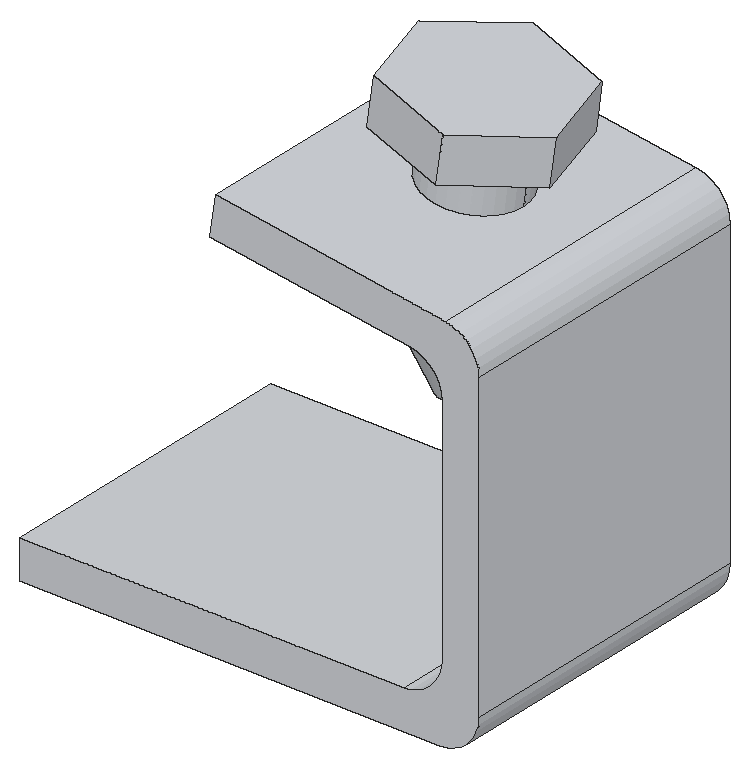
Revit family "MP40", category Generic Models, Revit 2017
Family settings
  Can host rebar = No
  Round Connector Dimension = Use Diameter
  Part Type = Normal
  Work Plane-Based = Yes
  Always vertical = No
  Cut with Voids When Loaded = No
  Shared = No
  Room Calculation Point = No
Parameters (values of type "NBS Standard Parameters")
  Weight = "0.184 Kg"
  WarrantyStartDate [instance] = "1900-12-31T23:59:59"
  WarrantyGuarantorParts = "n/a"
  WarrantyGuarantorLabor = "n/a"
  WarrantyDurationUnit = "1 year"
  WarrantyDurationParts = "n/a"
  WarrantyDurationLabor = "n/a"
  WarrantyDescription = "n/a"
  Version = "1"
  Uniclass2 = "Pr_65_70_11_19"
  TagNumber [instance] = "n/a"
  SustainabilityPerformance = "n/a"
  Size = "n/a"
  Shape = "n/a"
  SerialNumber [instance] = "n/a"
  Revision = "n/a"
  ReplacementCost = "n/a"
  ProductInformation = "www.metpro.co.uk/pdf/mp40.pdf"
  NominalWidth = 30 mm
  NominalLength = 54 mm
  NominalHeight = 40 mm
  Name = ""
  NBSTypeID = ""
  NBSReference = "90-55-10/305"
  NBSOfficeMasterTag = ""
  NBSNote = ""
  NBSDescription = "Channel Cable Supports"
  NBSCertification = ""
  ModelReference = "MP40"
  ModelNumber = "n/a"
  Material = "Steel"
  ManufacturerURL = "www.metpro.co.uk"
  ManufacturerName = "Metpro Ltd"
  Keynote = "Compliant to LU Standard 10-85"
  InstallationDate [instance] = "1900-12-31T23:59:59"
  IfcExportType = ""
  IfcExportAs = ""
  Grade = "n/a"
  Finish = "Hot dipped Galvanised"
  Features = "n/a"
  ExpectedLife = "n/a"
  DurationUnit = "year"
  Description = "MP40 Small C Clamp C/W Cone Point"
  Default Elevation = 1219.2 mm
  Constituents = "n/a"
  Color = "n/a"
  CodePerformance = "n/a"
  Category = "n/a"
  BarCode [instance] = "n/a"
  BIMObjectName = "metpro_metprolibrary_channelcablesupport_channelbracket"
  Author = "Metpro Ltd"
  AssetType = ""
  AssetIdentifier [instance] = "n/a"
  AccessibilityPerformance = "n/a"
Reference planes
  plane 1 "Center (Front/Back)": y = 0
  plane 2: z = 0
  plane 3 "Center (Left/Right)": x = 0
Forms (mm)
  Extrusion 1, solid
    sketch origin (19, 0, 0) x (-1, 0, 0) y (0, 0, -1)
      loop
        line (63, -20) -> (9.327, -20)
        arc (9.327, -20) -> (5.791, -21.464) -> (4.327, -25) r 5
        line (4.327, -25) -> (4.327, -63.842)
        arc (4.327, -63.842) -> (5.553, -67.123) -> (8.631, -68.794) r 5
        line (8.631, -68.794) -> (38.012, -72.923) -> (38.708, -67.972) -> (13.304, -64.401)
        arc (13.304, -64.401) -> (10.226, -62.73) -> (9, -59.45) r 5
        line (9, -59.45) -> (9, -30)
        arc (9, -30) -> (10.464, -26.464) -> (14, -25) r 5
        line (14, -25) -> (63, -25) -> (63, -20)
    from -40 to 0
  Extrusion 2, solid
    sketch origin (-19.012, 0, 72.923) x (0.990268, 0, -0.139173) y (0, 1, 0)
      loop
        circle (15.876, 21.698) r 6.281
    from -16.639 to 7.236
  Extrusion 3, solid
    sketch origin (-18.005, 0, 80.089) x (0.990268, 0, -0.139173) y (0, 1, 0)
      loop
        line (4.685, 24.543) -> (7.817, 13.429) -> (19.008, 10.584) -> (27.067, 18.854) -> (23.935, 29.968) -> (12.744, 32.812) -> (4.685, 24.543)
    from -1.095 to 5
  Blend 4, solid
    base sketch origin (-21.328, 0, 56.446) x (-0.990268, 0, 0.139173) y (0, 1, 0)
      loop
        circle (-15.876, 21.698) r 6.281
    top sketch origin (-21.328, 0, 56.446) x (-0.990268, 0, 0.139173) y (0, 1, 0)
      loop
        circle (-15.876, 21.698) r 1.2
    from 0 to 9.295
Dimensions and locks
  aligned and locked: level to plane 2
